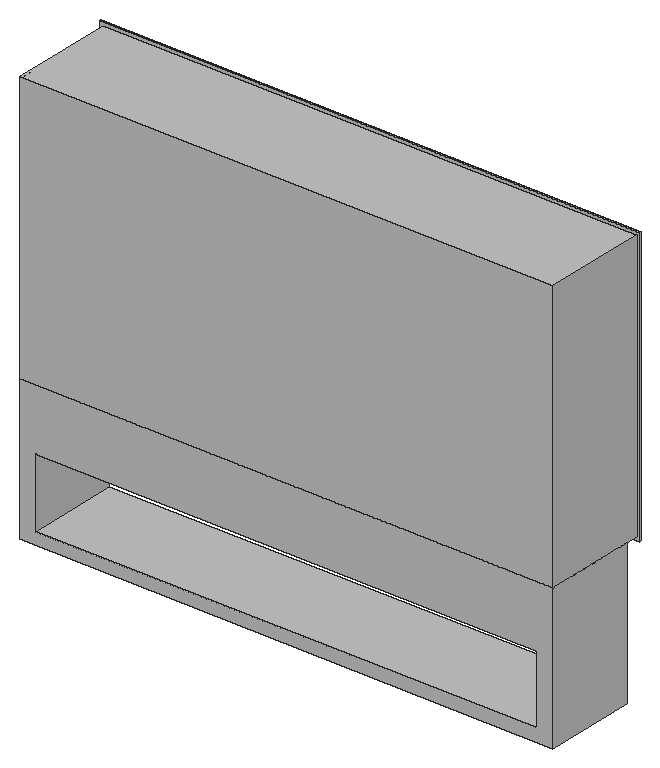
Revit family "Supply_System-Fittings-Golan_Plastic_Products-Distributer_Box-00", category Generic Models, host Wall, Revit 2015
Parameters (values of type "863mm x 650mm x 160mm")
  URL = "https://golanplastic.com/%D7%A4%D7%A7%D7%A1%D7%92%D7%95%D7%9C-%D7%A4%D7%95%D7%A9%D7%A4%D7%99%D7%98/"
  L = 843 mm
  Price [instance] = if(L = 843 mm, 578, if(L = 530 mm, 352, 0))  # 578
  Part Number [instance] = if(L = 843 mm, "94202028", if(L = 530 mm, "94202026", "Not present in our catalog"))  # "94202028"
  Material [instance] = "##"  # constant formula
  Manufacturer = "Golan Plastic Product Ltd."  # constant formula
  Dimension [instance] = if(L = 843 mm, "863mm x 650mm x 160mm", if(L = 530 mm, "550mm x 650mm x 160mm", "Not present in our catalog"))  # "863mm x 650mm x 160mm"
  Cover [instance] = yes
Types (2, lengths in mm): name | L | Price | Part Number | Dimension
  863mm x 650mm x 160mm | 843 | 578 | "94202028" | "863mm x 650mm x 160mm"
  550mm x 650mm x160mm | 530 | 352 | "94202026" | "550mm x 650mm x 160mm"
Reference planes
  plane 1 "Muro": y = 0
  plane 2 "Centro (Sinistra/Destra)": x = 125
  plane 3 "Indietro": y = 150
Forms (mm)
  Extrusion 1, solid, material "Plastic"
    sketch origin (0, 150, -311.542) x (1, 0, 0) y (0, 0, 1)
      loop
        line (546.5, 538.542) -> (546.5, 966.542) -> (-296.5, 966.542) -> (-296.5, 538.542) -> (546.5, 538.542)
      loop
        line (-294.5, 964.542) -> (-294.5, 540.542) -> (544.5, 540.542) -> (544.5, 964.542) -> (-294.5, 964.542)
    from 0 to 165
  Extrusion 2, solid, material "Plastic"
    sketch origin (0, 150, -533.542) x (1, 0, 0) y (0, 0, 1)
      loop
        line (546.5, 533.542) -> (546.5, 760.542) -> (-296.5, 760.542) -> (-296.5, 533.542) -> (546.5, 533.542)
      loop
        line (521.5, 663.542) -> (-271.5, 663.542) -> (-271.5, 553.542) -> (521.5, 553.542) -> (521.5, 663.542)
    from 20 to 165
  Extrusion 3, solid, material "Plastic"
    sketch origin (0, 150, -311.542) x (1, 0, 0) y (0, 0, 1)
      loop
        line (-296.5, 966.542) -> (-296.5, 538.542) -> (546.5, 538.542) -> (546.5, 966.542) -> (-296.5, 966.542)
    from 163 to 165
  Extrusion 4, void
    sketch origin (0, 0, 0) x (1, 0, 0) y (0, 1, 0)
      loop
        line (-296.5, 150) -> (-296.5, -15) -> (546.5, -15) -> (546.5, 150) -> (-296.5, 150)
    from 227 to 655
  Extrusion 5, solid, material "Plastic", visible <- "Cover"
    sketch origin (0, 150, -311.542) x (-1, 0, 0) y (0, 0, 1)
      loop
        line (-551.5, 971.542) -> (-551.5, 533.542) -> (301.5, 533.542) -> (301.5, 971.542) -> (-551.5, 971.542)
    from 0 to 2
Cuts and joins
  joined: Extrusion 1, Extrusion 3
Text (mm)
  text "Lato posizionamento" at (-1848.837, 1116.779, 0), in view "Livello rif."
  text "Lato posizionamento" at (0, 1409.804, 2854.306), in view "Sinistra"
  text "Lato posizionamento" at (0, 499.811, 2980.732), in view "Destra"
Dimensions and locks
  locked: plane 3 "Indietro" to host wall
  "L": Extrusion 1 sketch curve to Extrusion 1 sketch curve
  equal spacing: cut or joined group of Extrusion 1, Extrusion 3, plane 2 "Centro (Sinistra/Destra)", cut or joined group of Extrusion 1, Extrusion 3
  locked: Extrusion 2 sketch curve to Extrusion 2 sketch curve at 25  (x2)
  locked: cut or joined group of Extrusion 1, Extrusion 3 to cut or joined group of Extrusion 1, Extrusion 3 at 428
  locked: Extrusion 5 sketch curve to cut or joined group of Extrusion 1, Extrusion 3 at 5  (x2)
  aligned and locked: plane 1 "Muro" to host wall
  aligned and locked: Extrusion 4 sketch curve to Extrusion 1  (x2)
  aligned and locked: Extrusion 1 to Extrusion 4  (x2)
  aligned and locked: Extrusion 3 sketch curve to cut or joined group of Extrusion 1, Extrusion 3  (x2)
  aligned and locked: cut or joined group of Extrusion 1, Extrusion 3 to Extrusion 2 sketch curve
  aligned and locked: Extrusion 2 sketch curve to cut or joined group of Extrusion 1, Extrusion 3
  aligned and locked: Extrusion 4 sketch curve to cut or joined group of Extrusion 1, Extrusion 3  (x2)
Automatic sketch dimensions
  Extrusion 2 sketch curve to level = 0 mm
  level to Extrusion 2 sketch curve = 20 mm
  Extrusion 2 sketch curve to Extrusion 2 sketch curve = 110 mm
  level to Extrusion 3 sketch curve = 227 mm
  Extrusion 3 sketch curve to Extrusion 3 sketch curve = 428 mm
  Extrusion 2 sketch curve to Extrusion 2 sketch curve = 97 mm
  Extrusion 1 to Extrusion 5 sketch curve = 5 mm  (x2)
  Extrusion 1 sketch curve to plane 2 "Centro (Sinistra/Destra)" = 421.5 mm
  Extrusion 1 sketch curve to Extrusion 1 sketch curve = 2 mm  (x4)
  level to Extrusion 1 sketch curve = 227 mm
  Extrusion 1 sketch curve to Extrusion 1 sketch curve = 424 mm
